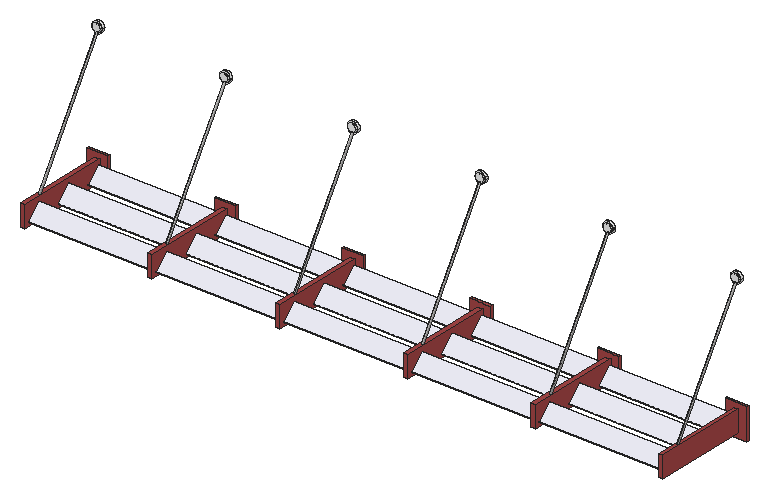
Revit family "advanced_sample_family", category Generic Models, Revit 2019
Family settings
  Can host rebar = No
  Round Connector Dimension = Use Diameter
  Part Type = Normal
  Cut with Voids When Loaded = No
  Shared = No
  Room Calculation Point = No
Parameters (values of type "M_Solar_Shade_Complete")
  Support Type = Support Beam : Hung Support
  Support Length = 450 mm
  Number of Supports [instance] = ([built-in parameter 1001306] / Max Support Spacing) + 1  # 6
  Mounting Height = 2400 mm
  Max Support Spacing [instance] = 600 mm
  Max Louver Spacing = 150 mm
  Louver Number = ((Support Length - 100 mm) / Max Louver Spacing) + 1  # 3
  built-in parameter 1001306 [instance] = 3000 mm
  Assembly Code = ""
Reference planes
  plane 1 "Center (Front/Back)": y = 0
  plane 2: z = 0
  plane 3 "Left": x = 0
  plane 4 "Right": x = 3000
  plane 5: z = 2400
  plane 6: y = -450
  plane 7: y = -400
  plane 8: y = -50
Lines and regions (mm)
  reference lines
    curve 1: line (0, 0, 0) -> (3000, 0, 0)
  symbolic lines, style "Overhead"
    curve 2: line (0, -450, 0) -> (3000, -450, 0)
Dimensions and locks
  "built-in parameter 1001306": plane 3 "Left" to plane 4 "Right"
  "Mounting Height": plane 5 to level
  "Support Length": plane 6 to plane 1 "Center (Front/Back)"
  equal spacing: group 1, group 3, group 4, group 5, group 6, group 2  (x3)
  locked: plane 6 to plane 7 at 50
  locked: plane 8 to plane 1 "Center (Front/Back)" at 50
  equal spacing: group 7, group 9, group 8  (x2)
  equal spacing: group 8, group 9, group 7
  aligned and locked: plane 4 "Right" to curve 1
  aligned and locked: plane 1 "Center (Front/Back)" to curve 1
  aligned and locked: plane 3 "Left" to curve 1
  aligned and locked: plane 1 "Center (Front/Back)" to nested 1
  aligned and locked: plane 3 "Left" to nested 1
  aligned and locked: plane 5 to nested 1
  aligned and locked: nested 2 to plane 4 "Right"
  aligned and locked: nested 2 to plane 5
  aligned and locked: plane 3 "Left" to nested 5
  aligned and locked: plane 5 to nested 5
  aligned and locked: nested 5 to plane 8
  aligned and locked: nested 8 to plane 7
  aligned and locked: plane 5 to nested 8
  aligned and locked: plane 3 "Left" to curve 2
  aligned and locked: curve 2 to plane 4 "Right"
  aligned and locked: curve 2 to plane 6
Nested families
  nested 1: "Support Beam" at (0, 0, 2400), type <- "Support Type", type "Hung Support"
    with Support Length 450 mm, Mounting Height 2400 mm, Hung yes, Cantilever no
  nested 2: "Support Beam" at (3000, 0, 2400), type <- "Support Type", type "Hung Support"
    with Support Length 450 mm, Mounting Height 2400 mm, Hung yes, Cantilever no
  nested 3: "Support Beam" at (600, 0, 2400), type <- "Support Type", type "Hung Support"
    with Support Length 450 mm, Mounting Height 2400 mm, Hung yes, Cantilever no
  nested 4: "Support Beam" at (1200, 0, 2400), type <- "Support Type", type "Hung Support"
    with Support Length 450 mm, Mounting Height 2400 mm, Hung yes, Cantilever no
  nested 5: "Louver" at (0, -50, 2400), type "Louver"
    with Length 3000 mm
  nested 6: "Support Beam" at (1800, 0, 2400), type <- "Support Type", type "Hung Support"
    with Support Length 450 mm, Mounting Height 2400 mm, Hung yes, Cantilever no
  nested 7: "Support Beam" at (2400, 0, 2400), type <- "Support Type", type "Hung Support"
    with Support Length 450 mm, Mounting Height 2400 mm, Hung yes, Cantilever no
  nested 8: "Louver" at (0, -400, 2400), type "Louver"
    with Length 3000 mm
  nested 9: "Louver" at (0, -225, 2400), type "Louver"
    with Length 3000 mm
Definition of nested family "Support Beam"
  Parameters
    Support Length = 750 mm
    Mounting Height = 1500 mm
    Hung = no
    Cantilever = yes
    Braced = no
    Assembly Code = ""
  Reference planes
    plane 1 "Center (Front/Back)": y = 0
    plane 2: z = 0
    plane 3 "Center (Left/Right)": x = 0
    plane 4 "Left Edge": x = -10
    plane 5 "Right Edge": x = 10
    plane 6: y = -750
    plane 7: y = -650
    plane 8: z = 600
    plane 9: z = -600
    plane 10: z = -1500
  Forms (mm)
    Extrusion 1, solid
      sketch origin (0, 0, 0) x (1, 0, 0) y (0, 0, 1)
        loop
          line (-50, 75) -> (-50, -75) -> (50, -75) -> (50, 75) -> (-50, 75)
      from 0 to 10
    Extrusion 2, solid
      sketch origin (-10, 0, 0) x (0, 1, 0) y (0, 0, 1)
        loop
          line (-750, 50) -> (-750, -50) -> (0, -50) -> (0, 50) -> (-750, 50)
      from 0 to 20
    Extrusion 3, solid, visible <- "Braced"
      sketch origin (-10, 0, 0) x (0, 1, 0) y (0, 0, 1)
        loop
          line (-650, -50) -> (0, -600) -> (0, -567.251) -> (-611.297, -50) -> (-650, -50)
      from 0 to 20
    Extrusion 4, solid, visible <- "Braced"
      sketch origin (0, 0, -583.626) x (1, 0, 0) y (0, 0, 1)
        loop
          line (-25, 74.495) -> (-25, -75.505) -> (25, -75.505) -> (25, 74.495) -> (-25, 74.495)
      from 0 to 10
    Sweep 5, solid, visible <- "Hung"
      path origin (0, 0, 0) x (0, 1, 0) y (0, 0, 1)
        loop
          line (-650, 50) -> (0, 600)
      profile origin (0, -325, 325) x (0, -0.645942, 0.763386) y (1, 0, 0)
        loop
          circle (0, 0) r 4
    Extrusion 6, solid, visible <- "Hung"
      sketch origin (0, 0, 0) x (1, 0, 0) y (0, 0, 1)
        loop
          circle (0, 600) r 25
      from 0 to 10
    Extrusion 7, solid, visible <- "Hung"
      sketch origin (0, 0, 0) x (1, 0, 0) y (0, 0, 1)
        loop
          circle (0, 600) r 19
      from 0 to 15
  Lines and regions (mm)
    symbolic lines
      curve 1: line (0, 0, 0) -> (0, -650, 0)
    model lines
      curve 2: line (0, 0, 0) -> (0, 0, -1500)
  Dimensions and locks
    "Support Length": plane 6 to plane 1 "Center (Front/Back)"
    locked: plane 6 to plane 7 at 100
    locked: plane 8 to level at 600
    locked: level to plane 9 at 600
    locked: Extrusion 3 sketch curve to Extrusion 3 sketch curve at 25
    "Mounting Height": plane 2 to plane 10
    aligned and locked: plane 1 "Center (Front/Back)" to Extrusion 2 sketch curve
    aligned and locked: plane 6 to Extrusion 2 sketch curve
    aligned and locked: Extrusion 2 to Extrusion 3 sketch curve
    aligned and locked: plane 1 "Center (Front/Back)" to Extrusion 3 sketch curve
    aligned and locked: Extrusion 2 to Sweep 5 sketch curve
    aligned and locked: plane 1 "Center (Front/Back)" to Sweep 5 sketch curve
    aligned and locked: plane 1 "Center (Front/Back)" to curve 1
    aligned and locked: plane 7 to curve 1
    aligned and locked: curve 1 to plane 3 "Center (Left/Right)"
    aligned and locked: plane 2 to curve 2
    aligned and locked: plane 10 to curve 2
    aligned and locked: curve 2 to plane 3 "Center (Left/Right)"
  Automatic sketch dimensions
    Extrusion 1 sketch curve to plane 4 "Left Edge" = 40 mm
    plane 5 "Right Edge" to Extrusion 1 sketch curve = 40 mm
    Extrusion 1 sketch curve to level = 75 mm
    level to Extrusion 1 sketch curve = 75 mm
    Extrusion 2 sketch curve to level = 50 mm
    level to Extrusion 2 sketch curve = 50 mm
    Extrusion 3 sketch curve to plane 7 = 0 mm
    Extrusion 3 sketch curve to plane 9 = 0 mm
    Extrusion 4 sketch curve to plane 4 "Left Edge" = 15 mm
    plane 5 "Right Edge" to Extrusion 4 sketch curve = 15 mm
    Extrusion 4 sketch curve to plane 9 = 59.131 mm
    plane 9 to Extrusion 4 sketch curve = 90.869 mm
    Sweep 5 sketch curve to plane 7 = 0 mm
    Sweep 5 sketch curve to plane 8 = 0 mm
    Sweep 5 sketch curve to plane 3 "Center (Left/Right)" = 0 mm
    Sweep 5 sketch curve to profile plane = 0 mm
    Extrusion 6 sketch curve to plane 3 "Center (Left/Right)" = 0 mm
    Extrusion 6 sketch curve to plane 8 = 0 mm
    Extrusion 7 sketch curve to plane 3 "Center (Left/Right)" = 0 mm
    Extrusion 7 sketch curve to plane 8 = 0 mm
    radius of Sweep 5 sketch curve = 4 mm
    radius of Extrusion 6 sketch curve = 25 mm
    radius of Extrusion 7 sketch curve = 19 mm
Definition of nested family "Louver"
  Parameters
    Length = 1500 mm
  Reference planes
    plane 1 "Center (Front/Back)": y = 0
    plane 2: z = 0
    plane 3 "Center (Left/Right)": x = 0
    plane 4: x = 1500
  Forms (mm)
    Extrusion 1, solid
      sketch origin (0, 0, 0) x (0, 1, 0) y (0, 0, 1)
        loop
          line (-30.052, -30.052) -> (-22.981, -37.123) -> (37.123, 22.981) -> (30.052, 30.052) -> (-30.052, -30.052)
      from 0 to 1500
  Dimensions and locks
    "Length": plane 3 "Center (Left/Right)" to plane 4
    aligned and locked: plane 4 to Extrusion 1
  Automatic sketch dimensions
    plane 1 "Center (Front/Back)" to Extrusion 1 sketch curve = 30.052 mm
    Extrusion 1 sketch curve to Extrusion 1 sketch curve = 60.104 mm
    Extrusion 1 sketch curve to Extrusion 1 sketch curve = 7.071 mm  (x2)
    Extrusion 1 sketch curve to level = 37.123 mm
